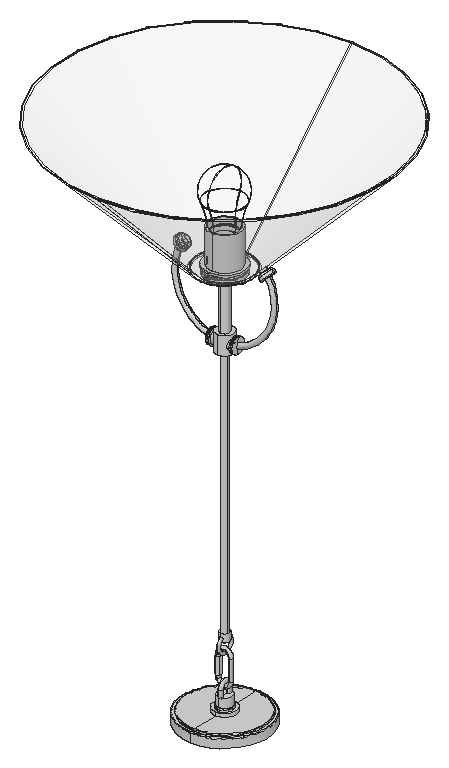
Revit family "Light_Fixture-Pendant-KOHLER-McGee-K-32261", category Lighting Fixtures, host Face, Revit 2021
Family settings
  Host = Face
  Round Connector Dimension = Use Diameter
  Part Type = Normal
  OmniClass Number = 23.35.47.11
  OmniClass Title = Lighting Fixtures
  Cut with Voids When Loaded = No
  Light Source = Yes
  Shared = No
  Room Calculation Point = No
Parameters (values of type "CPL-Polished Chrome")
  Width = 17 55/64"  # constant formula
  Wattage Comments = "100 W"  # constant formula
  Wattage = 100 W
  WaterSense Certified = 1 = 0  # no
  built-in parameter 1150110 = 1 (stored number, unit not read)
  Voltage = 120 V  # constant formula
  URL = "https://www.us.kohler.com/us/"
  Type = 1
  built-in parameter 1114217 = 1 (stored number, unit not read)
  built-in parameter 1150109 = 1 (stored number, unit not read)
  built-in parameter 1150134 = 1
  built-in parameter 1150113 = 1 (stored number, unit not read)
  Rod [instance] = Height - 11 119/256" - 4 1/2"  # 14 9/256"
  Product Page URL = "http://www.us.kohler.com/us/catalog/productDetails.jsp?productNumber=32261-PE01"
  Product Name = "McGee"  # constant formula
  Product Documentation Link = "https://www.us.kohler.com/webassets/kpna/catalog/pdf/en/K-32261-PE01_spec_US-CA_Kohler_en.pdf"
  Model = if(Type = 1, "K-32261-PE01-CPL", if(Type = 2, "K-32261-PE01-BNL", if(Type = 3, "K-32261-PE01-BLL", if(Type = 4, "K-32261-PE01-2GL", if(Type = 5, "K-32261-PE01-SNL", "NA")))))  # "K-32261-PE01-CPL"
  Material = "Premium Metal Construction"  # constant formula
  Master Format 2014 Name = "Interior Lighting Fixtures, Lamps, And Ballasts"  # constant formula
  Master Format 2014 = "26 51 13"  # constant formula
  Manufacturer Address = "444 Highland Dr, Kohler, WI 53044"  # constant formula
  Manufacturer = "Kohler Co."  # constant formula
  built-in parameter 1150105 = 159.15 (stored number, unit not read)
  Lumens = 2000 lm
  built-in parameter 1150115 = 1 (stored number, unit not read)
  Light Source Symbol Size = 3"  # constant formula
  built-in parameter 1150137 = (empty or 0)
  built-in parameter 1150139 = (empty or 0)
  Length = 17 55/64"  # constant formula
  built-in parameter 1150112 = 1 (stored number, unit not read)
  built-in parameter 1150114 = 1 (stored number, unit not read)
  Lamp = "1*E26 Type A 100W"  # constant formula
  built-in parameter 1150132 = (empty or 0)
  built-in parameter 1150102 = (empty or 0)
  built-in parameter 1150107 = 6500 (stored number, unit not read)
  built-in parameter 1150138 = (empty or 0)
  built-in parameter 1150106 = 1.5915 (stored number, unit not read)
  Height [instance] = 30"
  Hardware Included = 0 = 1  # no
  Finish = KOHLER-Metal-CPL-Polished_Chrome
  Environmental Product Declaration = ""
  Emit from Line Length = 3"  # constant formula
  Electrical Note = "One Dedicated Cicuit Required"  # constant formula
  Electrical Connector = 1 = 1  # yes
  built-in parameter 1150104 = 1.8581 (stored number, unit not read)
  Dimming Lamp Color Temperature Shift = Incandescent Lamp Curve
  Description = "Cone XL Pendant"  # constant formula
  Default Elevation = 0"
  Declare Label = ""
  Date Modified = "04/26/2023"  # constant formula
  Date Created = "04/26/2023"  # constant formula
  Copyright = "Copyright Kohler Co."  # constant formula
  Contact Us = "https://www.us.kohler.com/us/static/contact.jsp"
  Color Filter = 16777215
  built-in parameter 1114218 = 1 (stored number, unit not read)
  built-in parameter 1150133 = 10 (stored number, unit not read)
  Assembly Code = "D5040.50"
  Apparent Load = 100 VA  # constant formula
  ADA Compliant = 1 = 0  # no
Types (6): name | Type | Model | Finish
  (no name) | 1 | "K-32261-PE01-CPL" | KOHLER-Metal-CPL-Polished_Chrome
  CPL-Polished Chrome | 1 | "K-32261-PE01-CPL" | KOHLER-Metal-CPL-Polished_Chrome
  BNL-Brushed Nickel | 2 | "K-32261-PE01-BNL" | KOHLER-Metal-BNL-Brushed_Nickel
  BLL-Matte Black | 3 | "K-32261-PE01-BLL" | KOHLER-Metal-BLL-Matte_Black
  2GL-Brushed Modern Brass | 4 | "K-32261-PE01-2GL" | KOHLER-Metal-2GL-Brushed_Modern_Brass
  SNL-Polished Nickel | 5 | "K-32261-PE01-SNL" | KOHLER-Metal-SNL-Polished_Nickel
Reference planes (in)
  plane 1 "Center (Front/Back)": y = 0
  plane 2: z = 0
  plane 3 "Center (Left/Right)": x = 0
  plane 4: z = 4.50055
  plane 5: z = 18.5357
  plane 6: z = 30
  plane 7: y = 8.93019
  plane 8: y = -8.92919
  plane 9: x = -8.93019
  plane 10: y = 2.55512
  plane 11: y = -2.55512
  plane 12: x = 8.92919
  plane 13: x = -2.55512
  plane 14: x = 2.55512
  plane 15: z = 27.94437
  plane 16: z = 22.59388
  plane 17: x = -2.3622
  plane 18: x = 2.3622
  plane 19: z = 0.59055
  plane 20: y = 2.3622
  plane 21: y = -2.3622
Dimensions and locks (in)
  plane 4 to level = 4.50055"
  "Rod": plane 5 to plane 4
  locked: plane 6 to plane 16 at 7.40612
  plane 6 to plane 5 = 11.4643"
  "Height": plane 6 to level
  "Width": plane 9 to plane 12
  "Length": plane 7 to plane 8
  locked: plane 15 to plane 6 at 2.05563
  plane 18 to plane 17 = 4.72441"
  aligned and locked: plane 2 to host face
  aligned and locked: level to host face
  aligned and locked: plane 3 "Center (Left/Right)" to nested 1
  aligned and locked: plane 1 "Center (Front/Back)" to nested 1
  aligned and locked: level to nested 1
  aligned and locked: plane 4 to nested 1
  aligned and locked: plane 3 "Center (Left/Right)" to nested 2
  aligned and locked: nested 2 to plane 4
  aligned and locked: plane 5 to nested 2
  aligned and locked: plane 3 "Center (Left/Right)" to nested 3
  aligned and locked: plane 5 to nested 3
  aligned and locked: plane 1 "Center (Front/Back)" to nested 3
  aligned and locked: imposter light to nested 2  (x2)
  aligned and locked: imposter light to plane 15
Automatic sketch dimensions
  host sketch curve to host sketch curve = 96"  (x2)
Nested families (in)
  nested 1: "K-32261_Canopy" at (0, 0, 0), type "K-32261_Canopy"
  nested 2: "K-32261_Rod" at (0, 0, 4.50055), type "K-32261_Rod"
    with Distance 14 9/256"
  nested 3: "K-32261" at (0, 0, 20.94023) x (1, 0, 0) z (0, -1, 0), type "K-32261"
    with Default Elevation 0"
Connectors (in)
  electrical at (0, 0, 0), driven by "Voltage", driven by "Apparent Load", driven by "Electrical Connector", driven by "Electrical Note"
    settings: on nested 1, index 1, voltage 120 V, apparent load 100 VA, apparent load phase1 0 VA, apparent load phase2 0 VA, apparent load phase3 0 VA, power factor 1, load classification "Lighting", number of poles 1, system type 30, power factor state 1, is connector primary yes, connector utility yes, sub classification motor no, connector description "One Dedicated Cicuit Required"
Definition of nested family "K-32261_Canopy"
  Parameters (values of type "K-32261_Canopy")
    Material = none
    Default Elevation = 0"
  Reference planes (in)
    plane 1 "Center (Front/Back)": y = 0
    plane 2: z = 0
    plane 3 "Center (Left/Right)": x = 0
    plane 4: y = 2.3622
    plane 5: y = -2.3622
    plane 6: x = 2.3622
    plane 7: x = -2.3622
    plane 8: z = 0.59055
    plane 9: z = 2.97011
    plane 10: z = 3.40454
    plane 11: z = 3.5892
    plane 12: z = 0
    plane 13: z = 3.17362
    plane 14: z = 2.2794
    plane 15: z = 4.50055
  Forms (in)
    Revolve 1, solid, material <- "Material", detail levels medium+fine
      sketch origin (0, 0, 0) x (0, 1, 0) y (0, 0, 1)
        loop
          line (2.3622, 0) -> (2.3622, 0.49026)
          arc (2.3622, 0.49026) -> (2.35644, 0.50418) -> (2.34252, 0.50994) r 0.01969
          line (2.34252, 0.50994) -> (2.17979, 0.50994) -> (2.17979, 0.57087)
          arc (2.17979, 0.57087) -> (2.17403, 0.58479) -> (2.16011, 0.59055) r 0.01969
          line (2.16011, 0.59055) -> (0.63026, 0.59055) -> (0.63026, 0.74803) -> (0.45276, 0.74803) -> (0.45276, 0.84695)
          arc (0.45276, 0.84695) -> (0.44713, 0.86085) -> (0.43343, 0.86693) r 0.01999
          arc (0.43343, 0.86693) -> (0.40521, 0.87946) -> (0.39364, 0.90808) r 0.04117
          line (0.39364, 0.90808) -> (0.39364, 1.38229) -> (0, 1.38229) -> (0, 1.10848) -> (0, 0) -> (2.3622, 0)
        axis (0, 0) -> (0, 1.38229)
      angle from 0 to 360
    Sweep 2, solid, material <- "Material"
      path origin (0, 0, 0.35937) x (1, 0, 0) y (0, 0, 1)
        loop
          line (-0.36679, 2.95467) -> (-0.36679, 1.78086)
          arc (-0.36679, 1.78086) -> (-0.01845, 1.43253) -> (0.32988, 1.78086) r 0.34833
          line (0.32988, 1.78086) -> (0.32988, 2.95467)
          arc (0.32988, 2.95467) -> (-0.01845, 3.303) -> (-0.36679, 2.95467) r 0.34833
      profile origin (-0.01845, 0, 3.66238) x (0, 0, -1) y (0, -1, 0)
        loop
          circle (0, 0) r 0.09608
    Sweep 3, solid, material <- "Material"
      path origin (0, 0, 0) x (0, 1, 0) y (0, 0, 1)
        loop
          line (0.18209, 1.38229) -> (0.18209, 1.76948)
          arc (0.18209, 1.76948) -> (-0.00023, 1.95181) -> (-0.18256, 1.76948) r 0.18233
          line (-0.18256, 1.76948) -> (-0.18256, 1.38229)
      profile origin (0, -0.18256, 1.57588) x (1, 0, 0) y (0, 1, 0)
        loop
          circle (0, -0.10554) r 0.10554
    Extrusion 4, solid, material <- "Material"
      sketch origin (-0.06152, 0, 0) x (-1, 0, 0) y (0, -1, 0)
        loop
          line (0.30512, -0.14775) -> (0.43307, -0.07387) -> (0.43307, 0.07387) -> (0.30512, 0.14775) -> (0.17717, 0.07387) -> (0.17717, -0.07387) -> (0.30512, -0.14775)
      from 2.2794 to 3.17362
    Revolve 5, solid, material <- "Material"
      sketch origin (0, 0, 0) x (0, 1, 0) y (0, 0, 1)
        loop
          line (0.00011, 4.50055) -> (-0.24565, 4.50055) -> (-0.24565, 4.10819)
          arc (-0.24565, 4.10819) -> (-0.23947, 4.09327) -> (-0.22456, 4.08709) r 0.0211
          line (-0.22456, 4.08709) -> (0.00011, 4.08709) -> (0.00011, 4.50055)
        axis (0.00011, 4.08709) -> (0.00011, 4.50055)
      angle from 0 to 360
    Sweep 6, solid, material <- "Material"
      path origin (0, 0, 0) x (0, 1, 0) y (0, 0, 1)
        loop
          arc (-0.22894, 4.34786) -> (0.0065, 3.37885) -> (0.21881, 4.35319) r 0.51166
      profile origin (0, 0.0065, 3.37885) x (0, -0.011898, 0.999929) y (1, 0, 0)
        loop
          circle (0.0719, 0) r 0.07203
    Revolve 7, solid, material <- "Material", detail levels coarse
      sketch origin (0, 0, 0) x (0, 1, 0) y (0, 0, 1)
        loop
          line (0, 0) -> (2.3622, 0) -> (2.3622, 0.59055) -> (0.63026, 0.59055) -> (0.63026, 1.38229) -> (0, 1.38229) -> (0, 0)
        axis (0, 1.38229) -> (0, 0)
      angle from 0 to 360
  Cuts and joins
    joined: Sweep 2, Sweep 3, Extrusion 4, Revolve 5, Sweep 6
  Lines and regions (in)
    Masking region 1
      outline origin (0, 0, 0) x (0, 1, 0) y (0, 0, 1)
        loop
          arc (0.39364, 0.90808) -> (0.40521, 0.87946) -> (0.43343, 0.86693) r 0.04117
          arc (0.43343, 0.86693) -> (0.44713, 0.86085) -> (0.45276, 0.84695) r 0.01999
          line (0.45276, 0.84695) -> (0.45276, 0.74803) -> (0.63046, 0.74803) -> (0.63046, 0.59055) -> (2.16011, 0.59055)
          arc (2.16011, 0.59055) -> (2.17403, 0.58479) -> (2.17979, 0.57087) r 0.01969
          line (2.17979, 0.57087) -> (2.17979, 0.50994) -> (2.34252, 0.50994)
          arc (2.34252, 0.50994) -> (2.35644, 0.50418) -> (2.3622, 0.49026) r 0.01969
          line (2.3622, 0.49026) -> (2.3622, 0) -> (-2.3622, 0) -> (-2.3622, 0.49026)
          arc (-2.3622, 0.49026) -> (-2.35644, 0.50418) -> (-2.34252, 0.50994) r 0.01969
          line (-2.34252, 0.50994) -> (-2.17979, 0.50994) -> (-2.17979, 0.57087)
          arc (-2.17979, 0.57087) -> (-2.17403, 0.58479) -> (-2.16011, 0.59055) r 0.01969
          line (-2.16011, 0.59055) -> (-0.6303, 0.59055) -> (-0.6303, 0.74803) -> (-0.45276, 0.74803) -> (-0.45276, 0.84695)
          arc (-0.45276, 0.84695) -> (-0.44713, 0.86085) -> (-0.43343, 0.86693) r 0.01999
          arc (-0.43343, 0.86693) -> (-0.40379, 0.881) -> (-0.39385, 0.91227) r 0.04117
          arc (-0.39385, 0.91227) -> (-0.39264, 0.93746) -> (-0.38404, 0.96117) r 0.08436
          arc (-0.38404, 0.96117) -> (-0.33675, 1.14753) -> (-0.38446, 1.33377) r 0.38912
          arc (-0.38446, 1.33377) -> (-0.39131, 1.35116) -> (-0.39364, 1.36969) r 0.07486
          line (-0.39364, 1.36969) -> (-0.39364, 1.7674)
          arc (-0.39364, 1.7674) -> (-0.32671, 1.99207) -> (-0.14775, 2.14349) r 0.41057
          arc (-0.14775, 2.14349) -> (-0.10979, 2.15527) -> (-0.07087, 2.16331) r 0.40852
          line (-0.07087, 2.16331) -> (-0.07087, 2.2794) -> (-0.14775, 2.2794) -> (-0.14775, 3.17362) -> (-0.09619, 3.17362) -> (-0.09619, 3.3882)
          arc (-0.09619, 3.3882) -> (-0.50597, 3.81064) -> (-0.24588, 4.33859) r 0.51078
          line (-0.24588, 4.33859) -> (-0.24588, 4.50055) -> (0.00011, 4.50055) -> (0.24588, 4.50055) -> (0.24588, 4.33859)
          arc (0.24588, 4.33859) -> (0.50584, 3.80982) -> (0.09455, 3.3879) r 0.51078
          line (0.09455, 3.3879) -> (0.09455, 3.17362) -> (0.14775, 3.17362) -> (0.14775, 2.2794) -> (0.07087, 2.2794) -> (0.07087, 2.16096)
          arc (0.07087, 2.16096) -> (0.30263, 2.0219) -> (0.39364, 1.7674) r 0.40133
          line (0.39364, 1.7674) -> (0.39364, 1.36969)
          arc (0.39364, 1.36969) -> (0.39131, 1.35116) -> (0.38446, 1.33377) r 0.07486
          arc (0.38446, 1.33377) -> (0.33675, 1.14753) -> (0.38404, 0.96117) r 0.38912
          arc (0.38404, 0.96117) -> (0.39264, 0.93746) -> (0.39385, 0.91227) r 0.08436
        loop
          line (0.18305, 1.38229) -> (0.18305, 1.7692)
          arc (0.18305, 1.7692) -> (0.15244, 1.87033) -> (0.07087, 1.93749) r 0.18232
          line (0.07087, 1.93749) -> (0.07087, 1.83374)
          arc (0.07087, 1.83374) -> (0, 1.76288) -> (-0.07087, 1.83374) r 0.07087
          line (-0.07087, 1.83374) -> (-0.07087, 1.93687)
          arc (-0.07087, 1.93687) -> (-0.15141, 1.86967) -> (-0.18158, 1.7692) r 0.18232
          line (-0.18158, 1.7692) -> (-0.18158, 1.38229) -> (0.18305, 1.38229)
        loop
          line (0.09455, 3.66013) -> (0.09455, 3.5348)
          arc (0.09455, 3.5348) -> (0.35752, 3.80412) -> (0.24562, 4.16351) r 0.3675
          line (0.24562, 4.16351) -> (0.24562, 4.10784)
          arc (0.24562, 4.10784) -> (0.23963, 4.0934) -> (0.22519, 4.08741) r 0.02042
          line (0.22519, 4.08741) -> (0, 4.08741) -> (-0.22519, 4.08741)
          arc (-0.22519, 4.08741) -> (-0.23963, 4.0934) -> (-0.24562, 4.10784) r 0.02042
          line (-0.24562, 4.10784) -> (-0.24562, 4.16351)
          arc (-0.24562, 4.16351) -> (-0.35772, 3.80494) -> (-0.09619, 3.53523) r 0.3675
          line (-0.09619, 3.53523) -> (-0.09619, 3.66013)
          arc (-0.09619, 3.66013) -> (-0.00082, 3.7555) -> (0.09455, 3.66013) r 0.09537
    Masking region 2
      outline origin (0, 0, 0) x (1, 0, 0) y (0, 0, 1)
        loop
          line (-2.3622, 0) -> (2.3622, 0) -> (2.3622, 0.49026)
          arc (2.3622, 0.49026) -> (2.35644, 0.50418) -> (2.34252, 0.50994) r 0.01969
          line (2.34252, 0.50994) -> (2.17979, 0.50994) -> (2.17979, 0.57087)
          arc (2.17979, 0.57087) -> (2.17403, 0.58479) -> (2.16011, 0.59055) r 0.01969
          line (2.16011, 0.59055) -> (0.62903, 0.59055) -> (0.62903, 0.74803) -> (0.45276, 0.74803) -> (0.45276, 0.84695)
          arc (0.45276, 0.84695) -> (0.44713, 0.86085) -> (0.43343, 0.86693) r 0.01999
          arc (0.43343, 0.86693) -> (0.40786, 0.87695) -> (0.39428, 0.90083) r 0.04117
          arc (0.39428, 0.90083) -> (0.39185, 0.92232) -> (0.38404, 0.94248) r 0.08436
          arc (0.38404, 0.94248) -> (0.33675, 1.12884) -> (0.38446, 1.31509) r 0.38912
          arc (0.38446, 1.31509) -> (0.39131, 1.33247) -> (0.39364, 1.351) r 0.07486
          line (0.39364, 1.351) -> (0.39364, 1.38229) -> (0.12795, 1.38229) -> (0.12795, 1.71994)
          arc (0.12795, 1.71994) -> (0.34368, 1.88697) -> (0.42535, 2.14729) r 0.45574
          line (0.42535, 2.14729) -> (0.42535, 3.32819)
          arc (0.42535, 3.32819) -> (0.3258, 3.60819) -> (0.07183, 3.76248) r 0.44352
          line (0.07183, 3.76248) -> (0.07183, 4.08691) -> (0.22455, 4.08691)
          arc (0.22455, 4.08691) -> (0.23955, 4.09312) -> (0.24576, 4.10812) r 0.02121
          line (0.24576, 4.10812) -> (0.24576, 4.50055) -> (0, 4.50055) -> (-0.24576, 4.50055) -> (-0.24576, 4.10812)
          arc (-0.24576, 4.10812) -> (-0.23955, 4.09312) -> (-0.22455, 4.08691) r 0.02121
          line (-0.22455, 4.08691) -> (-0.07183, 4.08691) -> (-0.07183, 3.76845)
          arc (-0.07183, 3.76845) -> (-0.35021, 3.62222) -> (-0.46168, 3.32819) r 0.44352
          line (-0.46168, 3.32819) -> (-0.46168, 3.17362) -> (-0.49459, 3.17362) -> (-0.49459, 2.2794) -> (-0.46346, 2.2794) -> (-0.46346, 2.19229)
          arc (-0.46346, 2.19229) -> (-0.37149, 1.8962) -> (-0.12795, 1.70433) r 0.52259
          line (-0.12795, 1.70433) -> (-0.12795, 1.38229) -> (-0.39364, 1.38229) -> (-0.39364, 1.351)
          arc (-0.39364, 1.351) -> (-0.39131, 1.33247) -> (-0.38446, 1.31509) r 0.07486
          arc (-0.38446, 1.31509) -> (-0.33675, 1.12884) -> (-0.38404, 0.94248) r 0.38912
          arc (-0.38404, 0.94248) -> (-0.39185, 0.92232) -> (-0.39428, 0.90083) r 0.08436
          arc (-0.39428, 0.90083) -> (-0.40786, 0.87695) -> (-0.43343, 0.86693) r 0.04117
          arc (-0.43343, 0.86693) -> (-0.44713, 0.86085) -> (-0.45276, 0.84695) r 0.01999
          line (-0.45276, 0.84695) -> (-0.45276, 0.74803) -> (-0.63009, 0.74803) -> (-0.63009, 0.59055) -> (-2.16011, 0.59055)
          arc (-2.16011, 0.59055) -> (-2.17403, 0.58479) -> (-2.17979, 0.57087) r 0.01969
          line (-2.17979, 0.57087) -> (-2.17979, 0.50994) -> (-2.34252, 0.50994)
          arc (-2.34252, 0.50994) -> (-2.35644, 0.50418) -> (-2.3622, 0.49026) r 0.01969
          line (-2.3622, 0.49026) -> (-2.3622, 0)
        loop
          line (-0.27175, 3.31592) -> (-0.27175, 3.17362) -> (-0.22638, 3.17362) -> (-0.22638, 2.2794) -> (-0.27061, 2.2794) -> (-0.27061, 2.15044)
          arc (-0.27061, 2.15044) -> (-0.23218, 2.01249) -> (-0.12795, 1.91429) r 0.26679
          line (-0.12795, 1.91429) -> (-0.12795, 2.06366)
          arc (-0.12795, 2.06366) -> (0, 2.19161) -> (0.12795, 2.06366) r 0.12795
          line (0.12795, 2.06366) -> (0.12795, 1.93309)
          arc (0.12795, 1.93309) -> (0.20636, 2.02946) -> (0.2344, 2.15049) r 0.27522
          line (0.2344, 2.15049) -> (0.2344, 3.31592)
          arc (0.2344, 3.31592) -> (0.18984, 3.45935) -> (0.07183, 3.55226) r 0.25308
          line (0.07183, 3.55226) -> (0.07183, 3.4507)
          arc (0.07183, 3.4507) -> (0, 3.37887) -> (-0.07183, 3.4507) r 0.07183
          line (-0.07183, 3.4507) -> (-0.07183, 3.56335)
          arc (-0.07183, 3.56335) -> (-0.21552, 3.47497) -> (-0.27175, 3.31592) r 0.25308
    Masking region 3
      outline origin (0, 0, 0) x (1, 0, 0) y (0, 1, 0)
        loop
          circle (0, 0) r 2.3622
    symbolic lines, detail levels medium+fine
      curve 1: line (0, 0.63046, 0.59055) -> (0, -0.63026, 0.59055)
      curve 2: line (0, 0.45276, 0.74803) -> (0, -0.45276, 0.74803)
      curve 3: line (0, 0.43343, 0.86693) -> (0, -0.43343, 0.86693)
      curve 4: line (0, -0.18158, 1.38229) -> (0, -0.39364, 1.38229)
      curve 5: line (0, 0.18405, 1.38229) -> (0, 0.39364, 1.38229)
      curve 6: line (0, 0.07087, 1.93749) -> (0, 0.07087, 2.16054)
      curve 7: line (0, -0.07087, 1.93687) -> (0, -0.07087, 2.16331)
      curve 8: line (-0.63009, 0, 0.59055) -> (0.63026, 0, 0.59055)
      curve 9: line (-0.45276, 0, 0.74803) -> (0.45276, 0, 0.74803)
      curve 10: line (-0.43343, 0, 0.86693) -> (0.43618, 0, 0.86693)
      curve 11: line (-0.12795, 0, 1.38229) -> (0.12795, 0, 1.38229)
      curve 12: line (-0.12795, 0, 1.70433) -> (-0.12795, 0, 2.03104)
      curve 13: line (0.12795, 0, 1.71994) -> (0.12795, 0, 2.03104)
      curve 14: line (-0.46346, 0, 2.2794) -> (-0.23503, 0, 2.2794)
      curve 15: line (-0.46168, 0, 3.17362) -> (-0.2344, 0, 3.17362)
      curve 16: line (-0.36663, 0, 2.2794) -> (-0.36663, 0, 3.17362)
      curve 17: line (0, 0.07387, 2.2794) -> (0, -0.07387, 2.2794)
      curve 18: line (0, -0.09619, 3.17362) -> (0, 0.09455, 3.17362)
      curve 19: line (0, 0.07387, 3.17362) -> (0, 0.07387, 2.2794)
      curve 20: line (0, -0.07387, 3.17362) -> (0, -0.07387, 2.2794)
      curve 21: line (0, 2.17979, 0.50994) -> (0, -2.17979, 0.50994)
      curve 22: line (2.17979, 0, 0.50994) -> (-2.17979, 0, 0.50994)
      curve 23: line (0, 0.09455, 3.5348) -> (0, 0.09455, 3.3879)
      curve 24: line (0, -0.09619, 3.3882) -> (0, -0.09619, 3.53523)
      curve 25: arc (0, 0.24588, 4.33859) -> (0, 0.22768, 4.25108) -> (0, 0.24562, 4.16351) r 0.22116
      curve 26: arc (0, -0.24588, 4.33859) -> (0, -0.22699, 4.25108) -> (0, -0.24562, 4.16351) r 0.21372
      curve 27: line (-0.07183, 0, 3.56335) -> (-0.07183, 0, 3.76845)
      curve 28: line (0.07183, 0, 3.76248) -> (0.07183, 0, 3.55226)
      curve 29: line (0.07183, 0, 4.08691) -> (0.07183, 0, 4.27684)
      curve 30: line (-0.07183, 0, 4.08691) -> (-0.07183, 0, 4.27684)
      curve 31: arc (-0.07183, 0, 4.27684) -> (0, 0, 4.34867) -> (0.07183, 0, 4.27684) r 0.07183
      curve 32: line (0, 0.39385, 0.91227) -> (0, -0.39385, 0.91227)
      curve 33: line (0, 0.38446, 1.33377) -> (0, -0.38446, 1.33377)
      curve 34: line (0, -0.38404, 0.96117) -> (0, 0.38404, 0.96117)
      curve 35: line (-0.39428, 0, 0.90083) -> (0.39428, 0, 0.90083)
      curve 36: line (0.39364, 0, 1.351) -> (-0.39364, 0, 1.351)
      curve 37: line (-0.38446, 0, 1.31509) -> (0.38446, 0, 1.31509)
      curve 38: line (0.38404, 0, 0.94248) -> (-0.38404, 0, 0.94248)
  Dimensions and locks (in)
    plane 7 to plane 6 = 4.72441"
    plane 8 to level = 0.59055"
    plane 10 to level = 3.40454"
    aligned and locked: plane 2 to level
Definition of nested family "K-32261_Rod"
  Parameters (values of type "K-32260_Rod")
    Material = none
    Distance = 16.53543"
    Default Elevation = 0"
  Reference planes (in)
    plane 1 "Light Source Axis (F/B)": y = 0
    plane 2: z = 0
    plane 3 "Light Source Axis (L/R)": x = 0
    plane 4 "Light Source Elevation": z = 54
    plane 5: z = 16.53543
    plane 6: z = 0
  Forms (in)
    Extrusion 1, solid, material <- "Material"
      sketch origin (0, 0, 0) x (1, 0, 0) y (0, 1, 0)
        loop
          circle (0, 0) r 0.17717
      from 0 to 16.53543
  Lines and regions (in)
    Masking region 1, detail levels medium+fine
      outline origin (0, 0, 0) x (1, 0, 0) y (0, 1, 0)
        loop
          circle (0, 0) r 0.17717
    Masking region 2
      outline origin (0, 0, 0) x (1, 0, 0) y (0, 0, 1)
        loop
          line (-0.17717, 0) -> (0.17717, 0) -> (0.17717, 16.53543) -> (-0.17717, 16.53543) -> (-0.17717, 0)
    Masking region 3
      outline origin (0, 0, 0) x (0, 1, 0) y (0, 0, 1)
        loop
          line (0.17717, 16.53543) -> (-0.17717, 16.53543) -> (-0.17717, 0) -> (0.17717, 0) -> (0.17717, 16.53543)
  Dimensions and locks (in)
    "Distance": plane 5 to level
    aligned and locked: level to plane 2
    aligned and locked: Extrusion 1 to level
    aligned and locked: plane 5 to Extrusion 1
    aligned and locked: plane 5 to Masking region 2 sketch curve
    aligned and locked: Masking region 2 sketch curve to level
    aligned and locked: level to Masking region 3 sketch curve
    aligned and locked: Masking region 3 sketch curve to plane 5
  Automatic sketch dimensions
    plane 1 "Light Source Axis (F/B)" to Extrusion 1 sketch curve = 0"
    Extrusion 1 sketch curve to plane 3 "Light Source Axis (L/R)" = 0"
    plane 1 "Light Source Axis (F/B)" to Masking region 1 sketch curve = 0"
    Masking region 1 sketch curve to plane 3 "Light Source Axis (L/R)" = 0"
    Masking region 2 sketch curve to plane 3 "Light Source Axis (L/R)" = 0.17717"
    plane 3 "Light Source Axis (L/R)" to Masking region 2 sketch curve = 0.17717"
    plane 1 "Light Source Axis (F/B)" to Masking region 3 sketch curve = 0.17717"
    Masking region 3 sketch curve to plane 1 "Light Source Axis (F/B)" = 0.17717"
    radius of Extrusion 1 sketch curve = 0.17717"
    radius of Masking region 1 sketch curve = 0.17717"
Definition of nested family "K-32261"
  Parameters
    Material = none
    Default Elevation = 48"
  Reference planes (in)
    plane 1 "Center (Front/Back)": y = 0
    plane 2: z = 0
    plane 3 "Center (Left/Right)": x = 0
    plane 4: x = -2.55512
    plane 5: y = 7.00415
    plane 6: x = 2.55512
    plane 7: y = 0.82305
    plane 8: z = 2.55512
    plane 9: z = -2.55512
    plane 10: z = 0
    plane 11: y = 0
    plane 12: y = 5.16866
    plane 13: y = -2.40452
    plane 14: x = -6.95866
    plane 15: x = 6.95866
    plane 16: z = 6.95866
    plane 17: z = -6.95866
    plane 18: y = 9.06061
    plane 19: x = -8.93019
    plane 20: x = 8.93019
    plane 21: z = 8.93019
    plane 22: z = -8.93019
    plane 23: y = 1.65449
  Forms (in)
    Revolve 1, solid, material <- "Material", detail levels medium+fine
      sketch origin (0, 0.61946, 0) x (0, 1, 0) y (0, 0, 1)
        loop
          line (1.31517, 0) -> (1.31517, 0.7874) -> (2.39785, 0.7874) -> (2.39785, 0.70866) -> (2.79155, 0.70866) -> (2.79155, 0.7874) -> (3.18525, 0.7874) -> (3.18525, 0.86614) -> (1.31517, 0.86614) -> (1.31517, 1.08268) -> (1.21675, 1.08268) -> (1.21675, 0.7874) -> (0.94481, 0.7874) -> (0.94481, 0) -> (1.31517, 0)
        axis (3.18525, 0) -> (0.94481, 0)
      angle from 0 to 360
    Revolve 2, solid
      sketch origin (0, 0, 0) x (0, 1, 0) y (0, 0, 1)
        loop
          line (1.5354, 0.82681) -> (1.60339, 0.82681)
          arc (1.60339, 0.82681) -> (1.72756, 0.87825) -> (1.779, 1.00242) r 0.17561
          line (1.779, 1.00242) -> (1.779, 1.50265)
          arc (1.779, 1.50265) -> (1.7828, 1.52175) -> (1.79362, 1.53795) r 0.04992
          line (1.79362, 1.53795) -> (9.06061, 8.80494) -> (9.06061, 8.90055)
          arc (9.06061, 8.90055) -> (9.04235, 8.92788) -> (9.01011, 8.92147) r 0.02958
          line (9.01011, 8.92147) -> (1.69464, 1.606)
          arc (1.69464, 1.606) -> (1.6642, 1.56044) -> (1.65351, 1.50669) r 0.14044
          line (1.65351, 1.50669) -> (1.65351, 1.02736)
          arc (1.65351, 1.02736) -> (1.62936, 0.96907) -> (1.57107, 0.94492) r 0.08244
          line (1.57107, 0.94492) -> (1.5354, 0.94492) -> (1.5354, 0.82681)
        axis (9.06061, 0) -> (1.5354, 0)
      angle from 0 to 360
    Revolve 3, solid
      sketch origin (0, 0.7997, 0) x (0, 1, 0) y (0, 0, 1)
        loop
          line (1.59814, 0.67151) -> (1.59814, 0) -> (1.62964, 0) -> (1.62964, 0.64001) -> (2.40566, 0.64001) -> (2.40566, 0.71138) -> (2.6822, 0.71138)
          arc (2.6822, 0.71138) -> (3.49571, 0.79841) -> (4.2724, 1.05555) r 3.84577
          arc (4.2724, 1.05555) -> (5.374, 0.97288) -> (5.89732, 0) r 1.14961
          line (5.89732, 0) -> (5.92882, 0)
          arc (5.92882, 0) -> (5.39105, 0.99936) -> (4.25937, 1.08422) r 1.1811
          arc (4.25937, 1.08422) -> (3.48904, 0.82919) -> (2.6822, 0.74287) r 3.81427
          line (2.6822, 0.74287) -> (2.40566, 0.74287)
          arc (2.40566, 0.74287) -> (2.39144, 0.73698) -> (2.38555, 0.72276) r 0.02011
          line (2.38555, 0.72276) -> (2.38555, 0.67151) -> (1.59814, 0.67151)
        axis (5.92882, 0) -> (1.59814, 0)
      angle from 0 to 360
    Revolve 4, solid, material <- "Material", detail levels medium+fine
      sketch origin (0, 0.61946, 0) x (0, 1, 0) y (0, 0, 1)
        loop
          line (-2.03694, 0.24622) -> (-2.03694, 0.49213) -> (-3.02306, 0.49213) -> (-3.02306, 0) -> (1.0199, 0) -> (1.0199, 1.04331) -> (0.86212, 1.04331)
          arc (0.86212, 1.04331) -> (0.83451, 1.03187) -> (0.82307, 1.00426) r 0.03905
          line (0.82307, 1.00426) -> (0.82307, 0.24622) -> (-2.03694, 0.24622)
        axis (1.0199, 0) -> (-3.02306, 0)
      angle from 0 to 360
    Revolve 5, solid, material <- "Material", detail levels medium+fine
      sketch origin (0, 0, 0) x (1, 0, 0) y (0, 1, 0)
        loop
          line (-0.75042, -1.9124) -> (0.74565, -1.9124) -> (0.74565, -1.49901) -> (0.56848, -1.49901) -> (0.56848, -1.56791) -> (-0.57325, -1.56791) -> (-0.57325, -1.49895) -> (-0.75042, -1.49895) -> (-0.75042, -1.9124)
        axis (-0.75042, -1.9124) -> (0.74565, -1.9124)
      angle from 0 to 360
    Sweep 6, solid, material <- "Material"
      path origin (0, 0, 0) x (1, 0, 0) y (0, 1, 0)
        loop
          arc (-2.23857, 2.15342) -> (-0.00239, -1.89177) -> (2.23632, 2.15202) r 2.64113
      profile origin (-0.00239, -1.89177, 0) x (0.000312, 1, 0) y (0, 0, 1)
        loop
          circle (-0.13433, 0.00037) r 0.13533
    Revolve 7, solid, material <- "Material"
      sketch origin (-0.30758, 0.5721, 0) x (1, 0, 0) y (0, 1, 0)
        loop
          line (-2.13718, 1.53335) -> (-1.8376, 1.82056) -> (-1.95485, 1.94286) -> (-2.04745, 1.85712) -> (-2.12807, 1.9442) -> (-2.15068, 1.92327) -> (-2.1841, 1.95937) -> (-2.24202, 1.90575) -> (-2.26777, 1.93355)
          arc (-2.26777, 1.93355) -> (-2.28271, 1.94043) -> (-2.29813, 1.93472) r 0.02149
          line (-2.29813, 1.93472) -> (-2.39534, 1.84473)
          arc (-2.39534, 1.84473) -> (-2.40241, 1.82936) -> (-2.39654, 1.81349) r 0.02211
          line (-2.39654, 1.81349) -> (-2.13718, 1.53335)
        axis (-2.13718, 1.53335) -> (-1.8376, 1.82056)
      angle from 0 to 360
    Extrusion 8, void
      sketch origin (0, 0, 0) x (0, 1, 0) y (0, 0, 1)
        loop
          line (-1.9124, 0.38119) -> (-1.89434, 0.4486)
          arc (-1.89434, 0.4486) -> (-1.9124, 0.44896) -> (-1.93046, 0.4486) r 0.44896
          line (-1.93046, 0.4486) -> (-1.9124, 0.38119)
        loop
          line (-2.29359, 0) -> (-2.361, 0.01806)
          arc (-2.361, 0.01806) -> (-2.36136, 0) -> (-2.361, -0.01806) r 0.44896
          line (-2.361, -0.01806) -> (-2.29359, 0)
        loop
          line (-1.9124, -0.38119) -> (-1.93046, -0.4486)
          arc (-1.93046, -0.4486) -> (-1.9124, -0.44896) -> (-1.89434, -0.4486) r 0.44896
          line (-1.89434, -0.4486) -> (-1.9124, -0.38119)
        loop
          line (-1.5312, 0) -> (-1.4638, -0.01806)
          arc (-1.4638, -0.01806) -> (-1.46343, 0) -> (-1.4638, 0.01806) r 0.44896
          line (-1.4638, 0.01806) -> (-1.5312, 0)
        loop
          line (-2.18194, 0.26955) -> (-2.21683, 0.32998)
          arc (-2.21683, 0.32998) -> (-2.22986, 0.31746) -> (-2.24238, 0.30444) r 0.44896
          line (-2.24238, 0.30444) -> (-2.18194, 0.26955)
        loop
          line (-2.18194, -0.26955) -> (-2.24238, -0.30444)
          arc (-2.24238, -0.30444) -> (-2.22986, -0.31746) -> (-2.21683, -0.32998) r 0.44896
          line (-2.21683, -0.32998) -> (-2.18194, -0.26955)
        loop
          line (-1.64285, -0.26955) -> (-1.60796, -0.32998)
          arc (-1.60796, -0.32998) -> (-1.59493, -0.31746) -> (-1.58242, -0.30444) r 0.44896
          line (-1.58242, -0.30444) -> (-1.64285, -0.26955)
        loop
          line (-1.64285, 0.26955) -> (-1.58242, 0.30444)
          arc (-1.58242, 0.30444) -> (-1.59493, 0.31746) -> (-1.60796, 0.32998) r 0.44896
          line (-1.60796, 0.32998) -> (-1.64285, 0.26955)
        loop
          line (-2.06134, 0.35089) -> (-2.07105, 0.41999)
          arc (-2.07105, 0.41999) -> (-2.08782, 0.41327) -> (-2.1043, 0.40588) r 0.44896
          line (-2.1043, 0.40588) -> (-2.06134, 0.35089)
        loop
          line (-2.26329, -0.14894) -> (-2.33239, -0.15866)
          arc (-2.33239, -0.15866) -> (-2.32567, -0.17542) -> (-2.31828, -0.19191) r 0.44896
          line (-2.31828, -0.19191) -> (-2.26329, -0.14894)
        loop
          line (-1.76345, -0.35089) -> (-1.75374, -0.41999)
          arc (-1.75374, -0.41999) -> (-1.73697, -0.41327) -> (-1.72049, -0.40588) r 0.44896
          line (-1.72049, -0.40588) -> (-1.76345, -0.35089)
        loop
          line (-1.56151, 0.14894) -> (-1.4924, 0.15866)
          arc (-1.4924, 0.15866) -> (-1.49913, 0.17542) -> (-1.50652, 0.19191) r 0.44896
          line (-1.50652, 0.19191) -> (-1.56151, 0.14894)
        loop
          line (-2.26583, 0.1428) -> (-2.32157, 0.18479)
          arc (-2.32157, 0.18479) -> (-2.32867, 0.16818) -> (-2.3351, 0.1513) r 0.44896
          line (-2.3351, 0.1513) -> (-2.26583, 0.1428)
        loop
          line (-2.0552, -0.35344) -> (-2.09719, -0.40917)
          arc (-2.09719, -0.40917) -> (-2.08058, -0.41627) -> (-2.0637, -0.4227) r 0.44896
          line (-2.0637, -0.4227) -> (-2.0552, -0.35344)
        loop
          line (-1.55896, -0.1428) -> (-1.50323, -0.18479)
          arc (-1.50323, -0.18479) -> (-1.49613, -0.16818) -> (-1.4897, -0.1513) r 0.44896
          line (-1.4897, -0.1513) -> (-1.55896, -0.1428)
        loop
          line (-1.7696, 0.35344) -> (-1.7276, 0.40917)
          arc (-1.7276, 0.40917) -> (-1.74421, 0.41627) -> (-1.76109, 0.4227) r 0.44896
          line (-1.76109, 0.4227) -> (-1.7696, 0.35344)
        loop
          line (-1.99165, 0.37286) -> (-1.988, 0.44255)
          arc (-1.988, 0.44255) -> (-2.00574, 0.43915) -> (-2.02333, 0.43504) r 0.44896
          line (-2.02333, 0.43504) -> (-1.99165, 0.37286)
        loop
          line (-2.28526, -0.07925) -> (-2.35495, -0.0756)
          arc (-2.35495, -0.0756) -> (-2.35155, -0.09334) -> (-2.34744, -0.11094) r 0.44896
          line (-2.34744, -0.11094) -> (-2.28526, -0.07925)
        loop
          line (-1.83314, -0.37286) -> (-1.83679, -0.44255)
          arc (-1.83679, -0.44255) -> (-1.81905, -0.43915) -> (-1.80146, -0.43504) r 0.44896
          line (-1.80146, -0.43504) -> (-1.83314, -0.37286)
        loop
          line (-1.53953, 0.07925) -> (-1.46985, 0.0756)
          arc (-1.46985, 0.0756) -> (-1.47325, 0.09334) -> (-1.47736, 0.11094) r 0.44896
          line (-1.47736, 0.11094) -> (-1.53953, 0.07925)
        loop
          line (-2.23209, 0.20761) -> (-2.27879, 0.25947)
          arc (-2.27879, 0.25947) -> (-2.28893, 0.24452) -> (-2.29846, 0.22918) r 0.44896
          line (-2.29846, 0.22918) -> (-2.23209, 0.20761)
        loop
          line (-2.12001, -0.3197) -> (-2.17187, -0.36639)
          arc (-2.17187, -0.36639) -> (-2.15692, -0.37653) -> (-2.14157, -0.38606) r 0.44896
          line (-2.14157, -0.38606) -> (-2.12001, -0.3197)
        loop
          line (-1.5927, -0.20761) -> (-1.54601, -0.25947)
          arc (-1.54601, -0.25947) -> (-1.53587, -0.24452) -> (-1.52633, -0.22918) r 0.44896
          line (-1.52633, -0.22918) -> (-1.5927, -0.20761)
        loop
          line (-1.70478, 0.3197) -> (-1.65293, 0.36639)
          arc (-1.65293, 0.36639) -> (-1.66787, 0.37653) -> (-1.68322, 0.38606) r 0.44896
          line (-1.68322, 0.38606) -> (-1.70478, 0.3197)
        loop
          line (-2.13104, 0.31226) -> (-2.15491, 0.37783)
          arc (-2.15491, 0.37783) -> (-2.16991, 0.36777) -> (-2.1845, 0.35711) r 0.44896
          line (-2.1845, 0.35711) -> (-2.13104, 0.31226)
        loop
          line (-2.22465, -0.21864) -> (-2.29023, -0.24251)
          arc (-2.29023, -0.24251) -> (-2.28017, -0.25751) -> (-2.26951, -0.2721) r 0.44896
          line (-2.26951, -0.2721) -> (-2.22465, -0.21864)
        loop
          line (-1.69375, -0.31226) -> (-1.66989, -0.37783)
          arc (-1.66989, -0.37783) -> (-1.65488, -0.36777) -> (-1.6403, -0.35711) r 0.44896
          line (-1.6403, -0.35711) -> (-1.69375, -0.31226)
        loop
          line (-1.60014, 0.21864) -> (-1.53457, 0.24251)
          arc (-1.53457, 0.24251) -> (-1.54463, 0.25751) -> (-1.55529, 0.2721) r 0.44896
          line (-1.55529, 0.2721) -> (-1.60014, 0.21864)
        loop
          line (-2.2878, 0.06619) -> (-2.35104, 0.09568)
          arc (-2.35104, 0.09568) -> (-2.35454, 0.07796) -> (-2.35732, 0.06011) r 0.44896
          line (-2.35732, 0.06011) -> (-2.2878, 0.06619)
        loop
          line (-1.97859, -0.3754) -> (-2.00808, -0.43865)
          arc (-2.00808, -0.43865) -> (-1.99036, -0.44214) -> (-1.97251, -0.44492) r 0.44896
          line (-1.97251, -0.44492) -> (-1.97859, -0.3754)
        loop
          line (-1.53699, -0.06619) -> (-1.47375, -0.09568)
          arc (-1.47375, -0.09568) -> (-1.47026, -0.07796) -> (-1.46748, -0.06011) r 0.44896
          line (-1.46748, -0.06011) -> (-1.53699, -0.06619)
        loop
          line (-1.8462, 0.3754) -> (-1.81671, 0.43865)
          arc (-1.81671, 0.43865) -> (-1.83444, 0.44214) -> (-1.85229, 0.44492) r 0.44896
          line (-1.85229, 0.44492) -> (-1.8462, 0.3754)
      from 0.52648 to 0.78972
    Extrusion 9, void
      sketch origin (0, 0, 0) x (0, 1, 0) y (0, 0, 1)
        loop
          line (-1.9124, 0.38119) -> (-1.89434, 0.4486)
          arc (-1.89434, 0.4486) -> (-1.9124, 0.44896) -> (-1.93046, 0.4486) r 0.44896
          line (-1.93046, 0.4486) -> (-1.9124, 0.38119)
        loop
          line (-2.29359, 0) -> (-2.361, 0.01806)
          arc (-2.361, 0.01806) -> (-2.36136, 0) -> (-2.361, -0.01806) r 0.44896
          line (-2.361, -0.01806) -> (-2.29359, 0)
        loop
          line (-1.9124, -0.38119) -> (-1.93046, -0.4486)
          arc (-1.93046, -0.4486) -> (-1.9124, -0.44896) -> (-1.89434, -0.4486) r 0.44896
          line (-1.89434, -0.4486) -> (-1.9124, -0.38119)
        loop
          line (-1.5312, 0) -> (-1.4638, -0.01806)
          arc (-1.4638, -0.01806) -> (-1.46343, 0) -> (-1.4638, 0.01806) r 0.44896
          line (-1.4638, 0.01806) -> (-1.5312, 0)
        loop
          line (-2.18194, 0.26955) -> (-2.21683, 0.32998)
          arc (-2.21683, 0.32998) -> (-2.22986, 0.31746) -> (-2.24238, 0.30444) r 0.44896
          line (-2.24238, 0.30444) -> (-2.18194, 0.26955)
        loop
          line (-2.18194, -0.26955) -> (-2.24238, -0.30444)
          arc (-2.24238, -0.30444) -> (-2.22986, -0.31746) -> (-2.21683, -0.32998) r 0.44896
          line (-2.21683, -0.32998) -> (-2.18194, -0.26955)
        loop
          line (-1.64285, -0.26955) -> (-1.60796, -0.32998)
          arc (-1.60796, -0.32998) -> (-1.59493, -0.31746) -> (-1.58242, -0.30444) r 0.44896
          line (-1.58242, -0.30444) -> (-1.64285, -0.26955)
        loop
          line (-1.64285, 0.26955) -> (-1.58242, 0.30444)
          arc (-1.58242, 0.30444) -> (-1.59493, 0.31746) -> (-1.60796, 0.32998) r 0.44896
          line (-1.60796, 0.32998) -> (-1.64285, 0.26955)
        loop
          line (-2.06134, 0.35089) -> (-2.07105, 0.41999)
          arc (-2.07105, 0.41999) -> (-2.08782, 0.41327) -> (-2.1043, 0.40588) r 0.44896
          line (-2.1043, 0.40588) -> (-2.06134, 0.35089)
        loop
          line (-2.26329, -0.14894) -> (-2.33239, -0.15866)
          arc (-2.33239, -0.15866) -> (-2.32567, -0.17542) -> (-2.31828, -0.19191) r 0.44896
          line (-2.31828, -0.19191) -> (-2.26329, -0.14894)
        loop
          line (-1.76345, -0.35089) -> (-1.75374, -0.41999)
          arc (-1.75374, -0.41999) -> (-1.73697, -0.41327) -> (-1.72049, -0.40588) r 0.44896
          line (-1.72049, -0.40588) -> (-1.76345, -0.35089)
        loop
          line (-1.56151, 0.14894) -> (-1.4924, 0.15866)
          arc (-1.4924, 0.15866) -> (-1.49913, 0.17542) -> (-1.50652, 0.19191) r 0.44896
          line (-1.50652, 0.19191) -> (-1.56151, 0.14894)
        loop
          line (-2.26583, 0.1428) -> (-2.32157, 0.18479)
          arc (-2.32157, 0.18479) -> (-2.32867, 0.16818) -> (-2.3351, 0.1513) r 0.44896
          line (-2.3351, 0.1513) -> (-2.26583, 0.1428)
        loop
          line (-2.0552, -0.35344) -> (-2.09719, -0.40917)
          arc (-2.09719, -0.40917) -> (-2.08058, -0.41627) -> (-2.0637, -0.4227) r 0.44896
          line (-2.0637, -0.4227) -> (-2.0552, -0.35344)
        loop
          line (-1.55896, -0.1428) -> (-1.50323, -0.18479)
          arc (-1.50323, -0.18479) -> (-1.49613, -0.16818) -> (-1.4897, -0.1513) r 0.44896
          line (-1.4897, -0.1513) -> (-1.55896, -0.1428)
        loop
          line (-1.7696, 0.35344) -> (-1.7276, 0.40917)
          arc (-1.7276, 0.40917) -> (-1.74421, 0.41627) -> (-1.76109, 0.4227) r 0.44896
          line (-1.76109, 0.4227) -> (-1.7696, 0.35344)
        loop
          line (-1.99165, 0.37286) -> (-1.988, 0.44255)
          arc (-1.988, 0.44255) -> (-2.00574, 0.43915) -> (-2.02333, 0.43504) r 0.44896
          line (-2.02333, 0.43504) -> (-1.99165, 0.37286)
        loop
          line (-2.28526, -0.07925) -> (-2.35495, -0.0756)
          arc (-2.35495, -0.0756) -> (-2.35155, -0.09334) -> (-2.34744, -0.11094) r 0.44896
          line (-2.34744, -0.11094) -> (-2.28526, -0.07925)
        loop
          line (-1.83314, -0.37286) -> (-1.83679, -0.44255)
          arc (-1.83679, -0.44255) -> (-1.81905, -0.43915) -> (-1.80146, -0.43504) r 0.44896
          line (-1.80146, -0.43504) -> (-1.83314, -0.37286)
        loop
          line (-1.53953, 0.07925) -> (-1.46985, 0.0756)
          arc (-1.46985, 0.0756) -> (-1.47325, 0.09334) -> (-1.47736, 0.11094) r 0.44896
          line (-1.47736, 0.11094) -> (-1.53953, 0.07925)
        loop
          line (-2.23209, 0.20761) -> (-2.27879, 0.25947)
          arc (-2.27879, 0.25947) -> (-2.28893, 0.24452) -> (-2.29846, 0.22918) r 0.44896
          line (-2.29846, 0.22918) -> (-2.23209, 0.20761)
        loop
          line (-2.12001, -0.3197) -> (-2.17187, -0.36639)
          arc (-2.17187, -0.36639) -> (-2.15692, -0.37653) -> (-2.14157, -0.38606) r 0.44896
          line (-2.14157, -0.38606) -> (-2.12001, -0.3197)
        loop
          line (-1.5927, -0.20761) -> (-1.54601, -0.25947)
          arc (-1.54601, -0.25947) -> (-1.53587, -0.24452) -> (-1.52633, -0.22918) r 0.44896
          line (-1.52633, -0.22918) -> (-1.5927, -0.20761)
        loop
          line (-1.70478, 0.3197) -> (-1.65293, 0.36639)
          arc (-1.65293, 0.36639) -> (-1.66787, 0.37653) -> (-1.68322, 0.38606) r 0.44896
          line (-1.68322, 0.38606) -> (-1.70478, 0.3197)
        loop
          line (-2.13104, 0.31226) -> (-2.15491, 0.37783)
          arc (-2.15491, 0.37783) -> (-2.16991, 0.36777) -> (-2.1845, 0.35711) r 0.44896
          line (-2.1845, 0.35711) -> (-2.13104, 0.31226)
        loop
          line (-2.22465, -0.21864) -> (-2.29023, -0.24251)
          arc (-2.29023, -0.24251) -> (-2.28017, -0.25751) -> (-2.26951, -0.2721) r 0.44896
          line (-2.26951, -0.2721) -> (-2.22465, -0.21864)
        loop
          line (-1.69375, -0.31226) -> (-1.66989, -0.37783)
          arc (-1.66989, -0.37783) -> (-1.65488, -0.36777) -> (-1.6403, -0.35711) r 0.44896
          line (-1.6403, -0.35711) -> (-1.69375, -0.31226)
        loop
          line (-1.60014, 0.21864) -> (-1.53457, 0.24251)
          arc (-1.53457, 0.24251) -> (-1.54463, 0.25751) -> (-1.55529, 0.2721) r 0.44896
          line (-1.55529, 0.2721) -> (-1.60014, 0.21864)
        loop
          line (-2.2878, 0.06619) -> (-2.35104, 0.09568)
          arc (-2.35104, 0.09568) -> (-2.35454, 0.07796) -> (-2.35732, 0.06011) r 0.44896
          line (-2.35732, 0.06011) -> (-2.2878, 0.06619)
        loop
          line (-1.97859, -0.3754) -> (-2.00808, -0.43865)
          arc (-2.00808, -0.43865) -> (-1.99036, -0.44214) -> (-1.97251, -0.44492) r 0.44896
          line (-1.97251, -0.44492) -> (-1.97859, -0.3754)
        loop
          line (-1.53699, -0.06619) -> (-1.47375, -0.09568)
          arc (-1.47375, -0.09568) -> (-1.47026, -0.07796) -> (-1.46748, -0.06011) r 0.44896
          line (-1.46748, -0.06011) -> (-1.53699, -0.06619)
        loop
          line (-1.8462, 0.3754) -> (-1.81671, 0.43865)
          arc (-1.81671, 0.43865) -> (-1.83444, 0.44214) -> (-1.85229, 0.44492) r 0.44896
          line (-1.85229, 0.44492) -> (-1.8462, 0.3754)
      from -0.84245 to -0.52868
    Revolve 10, solid, material <- "Material", detail levels coarse
      sketch origin (0, 0.61946, 0) x (1, 0, 0) y (0, 1, 0)
        loop
          line (0, 3.18525) -> (-1.04329, 3.18525) -> (-1.04329, 0.82307) -> (-0.24622, 0.82307) -> (-0.24622, -2.03694) -> (-0.49213, -2.03694) -> (-0.49213, -3.0255) -> (0, -3.0255) -> (0, 3.18525)
        axis (0, 3.18525) -> (0, -3.0255)
      angle from 0 to 360
    Revolve 11, solid, material <- "Material", detail levels coarse
      sketch origin (0, 0, 0) x (1, 0, 0) y (0, 1, 0)
        loop
          line (-0.75042, -1.9124) -> (0.74565, -1.9124) -> (0.74565, -1.4991) -> (0.56848, -1.4991) -> (0.56848, -1.56791) -> (-0.57325, -1.56791) -> (-0.57325, -1.49904) -> (-0.75042, -1.49904) -> (-0.75042, -1.9124)
        axis (-0.75042, -1.9124) -> (0.74565, -1.9124)
      angle from 0 to 360
    Revolve 12, solid, material <- "Material"
      sketch origin (0.30758, 0.5721, 0) x (-1, 0, 0) y (0, -1, 0)
        loop
          line (-2.13718, -1.53335) -> (-2.39654, -1.81349)
          arc (-2.39654, -1.81349) -> (-2.40241, -1.82936) -> (-2.39534, -1.84473) r 0.02211
          line (-2.39534, -1.84473) -> (-2.29813, -1.93472)
          arc (-2.29813, -1.93472) -> (-2.28271, -1.94043) -> (-2.26777, -1.93355) r 0.02149
          line (-2.26777, -1.93355) -> (-2.24202, -1.90575) -> (-2.1841, -1.95937) -> (-2.15068, -1.92327) -> (-2.12807, -1.9442) -> (-2.04745, -1.85712) -> (-1.95485, -1.94286) -> (-1.8376, -1.82056) -> (-2.13718, -1.53335)
        axis (-2.13718, -1.53335) -> (-1.8376, -1.82056)
      angle from 0 to 360
  Cuts and joins
    Extrusion 8, Extrusion 9 cuts Revolve 5
    joined: Revolve 1, Revolve 4, Revolve 5
  Lines and regions (in)
    Masking region 1
      outline origin (0, 0, 0) x (1, 0, 0) y (0, 0, 1)
        loop
          circle (0, 0) r 8.93019
    Masking region 2
      outline origin (0, 0, 0) x (1, 0, 0) y (0, 1, 0)
        loop
          arc (0.75042, -2.04976) -> (2.68722, -0.36406) -> (2.5283, 2.19866) r 2.90199
          line (2.5283, 2.19866) -> (2.70551, 2.3835)
          arc (2.70551, 2.3835) -> (2.71185, 2.39997) -> (2.70454, 2.41603) r 0.02281
          line (2.70454, 2.41603) -> (2.60889, 2.50459)
          arc (2.60889, 2.50459) -> (2.59346, 2.5103) -> (2.57852, 2.50342) r 0.02149
          line (2.57852, 2.50342) -> (2.55277, 2.47562) -> (2.49086, 2.53293) -> (2.45744, 2.49683) -> (2.43363, 2.51842) -> (8.92123, 9.00601)
          arc (8.92123, 9.00601) -> (8.92816, 9.04087) -> (8.89861, 9.06061) r 0.03198
          line (8.89861, 9.06061) -> (-8.89707, 9.06061)
          arc (-8.89707, 9.06061) -> (-8.92721, 9.04048) -> (-8.92014, 9.00492) r 0.03262
          line (-8.92014, 9.00492) -> (-2.43363, 2.51842) -> (-2.45744, 2.49683) -> (-2.49086, 2.53293) -> (-2.55277, 2.47562) -> (-2.57852, 2.50342)
          arc (-2.57852, 2.50342) -> (-2.59346, 2.5103) -> (-2.60889, 2.50459) r 0.02149
          line (-2.60889, 2.50459) -> (-2.70454, 2.41603)
          arc (-2.70454, 2.41603) -> (-2.71185, 2.39997) -> (-2.70551, 2.3835) r 0.02281
          line (-2.70551, 2.3835) -> (-2.5283, 2.19866)
          arc (-2.5283, 2.19866) -> (-2.68722, -0.36406) -> (-0.75042, -2.04976) r 2.90199
          line (-0.75042, -2.04976) -> (-0.75042, -2.32584) -> (-0.57325, -2.32584) -> (-0.57325, -2.25689) -> (-0.49213, -2.25689) -> (-0.49213, -2.40452) -> (0.49213, -2.40452) -> (0.49213, -2.25689) -> (0.56848, -2.25689) -> (0.56848, -2.32584) -> (0.74565, -2.32584) -> (0.74565, -2.05125)
        loop
          line (-1.04338, 1.65449) -> (-1.53924, 1.65449)
          arc (-1.53924, 1.65449) -> (-1.56739, 1.66009) -> (-1.59125, 1.67604) r 0.07356
          line (-1.59125, 1.67604) -> (-2.02324, 2.10803) -> (-2.05853, 2.07274) -> (-2.02388, 2.03783) -> (-2.07898, 1.98313) -> (-2.05228, 1.95623)
          arc (-2.05228, 1.95623) -> (-2.04604, 1.94101) -> (-2.05239, 1.92584) r 0.02149
          line (-2.05239, 1.92584) -> (-2.14626, 1.83266)
          arc (-2.14626, 1.83266) -> (-2.1621, 1.82624) -> (-2.17779, 1.83305) r 0.02211
          line (-2.17779, 1.83305) -> (-2.3316, 1.99348)
          arc (-2.3316, 1.99348) -> (-2.4413, -0.26389) -> (-0.75042, -1.76345) r 2.61459
          line (-0.75042, -1.76345) -> (-0.75042, -1.49895) -> (-0.57325, -1.49895) -> (-0.57325, -1.56791) -> (-0.49213, -1.56791) -> (-0.49213, -1.42027) -> (-0.24622, -1.42027) -> (-0.24622, 1.44253) -> (-1.00367, 1.44253)
          arc (-1.00367, 1.44253) -> (-1.03175, 1.45416) -> (-1.04338, 1.48224) r 0.03971
          line (-1.04338, 1.48224) -> (-1.04338, 1.65449)
        loop
          line (0.74565, -1.7651) -> (0.74565, -1.49895) -> (0.56848, -1.49895) -> (0.56848, -1.56791) -> (0.49213, -1.56791) -> (0.49213, -1.42027) -> (0.24622, -1.42027) -> (0.24622, 1.44253) -> (1.00402, 1.44253)
          arc (1.00402, 1.44253) -> (1.03175, 1.45402) -> (1.04323, 1.48174) r 0.03921
          line (1.04323, 1.48174) -> (1.04323, 1.65371) -> (1.50757, 1.65371)
          arc (1.50757, 1.65371) -> (1.56425, 1.66499) -> (1.61231, 1.6971) r 0.14813
          line (1.61231, 1.6971) -> (2.02324, 2.10803) -> (2.05853, 2.07274) -> (2.02388, 2.03783) -> (2.07898, 1.98313) -> (2.05228, 1.95623)
          arc (2.05228, 1.95623) -> (2.04604, 1.94101) -> (2.05239, 1.92584) r 0.02149
          line (2.05239, 1.92584) -> (2.14626, 1.83266)
          arc (2.14626, 1.83266) -> (2.1621, 1.82624) -> (2.17779, 1.83305) r 0.02211
          line (2.17779, 1.83305) -> (2.3316, 1.99348)
          arc (2.3316, 1.99348) -> (2.4413, -0.26389) -> (0.75042, -1.76345) r 2.61459
    Masking region 3
      outline origin (0, 0, 0) x (0, 1, 0) y (0, 0, 1)
        loop
          line (9.01317, 8.92212) -> (1.69326, 1.6022)
          arc (1.69326, 1.6022) -> (1.66457, 1.55927) -> (1.65449, 1.50863) r 0.13234
          line (1.65449, 1.50863) -> (1.65449, 1.04331) -> (1.48034, 1.04331)
          arc (1.48034, 1.04331) -> (1.45361, 1.03223) -> (1.44253, 1.0055) r 0.03781
          line (1.44253, 1.0055) -> (1.44253, 0.24622) -> (-1.42027, 0.24622) -> (-1.42027, 0.49213) -> (-2.40452, 0.49213) -> (-2.40452, -0.49213) -> (-1.42027, -0.49213) -> (-1.42027, -0.24622) -> (1.44253, -0.24622) -> (1.44253, -1.0055)
          arc (1.44253, -1.0055) -> (1.45361, -1.03223) -> (1.48034, -1.04331) r 0.03781
          line (1.48034, -1.04331) -> (1.65449, -1.04331) -> (1.65449, -1.49246)
          arc (1.65449, -1.49246) -> (1.67092, -1.5749) -> (1.71768, -1.64477) r 0.21518
          line (1.71768, -1.64477) -> (9.00919, -8.92097)
          arc (9.00919, -8.92097) -> (9.04203, -8.92748) -> (9.06061, -8.89964) r 0.03013
          line (9.06061, -8.89964) -> (9.06061, 8.90247)
          arc (9.06061, 8.90247) -> (9.04346, 8.92814) -> (9.01317, 8.92212) r 0.02779
    symbolic lines, detail levels medium+fine
      curve 1: arc (0, 0, -1.35378) -> (1.35378, 0, 0) -> (0, 0, 1.35378) r 1.35378
      curve 2: arc (0, 0, 1.35378) -> (-1.35378, 0, 0) -> (0, 0, -1.35378) r 1.35378
      curve 3: circle (0, 0, 0) r 1.2333 normal (0, -1, 0)
      curve 4: circle (0, 0, 0) r 0.1378 normal (0, -1, 0)
      curve 5: circle (0, 0, 0) r 0.19685 normal (0, -1, 0)
      curve 6: circle (0, 0, 0) r 0.6582 normal (0, 1, 0)
      curve 7: circle (0, 0, 0) r 0.63434 normal (0, 1, 0)
      curve 8: circle (0, 0, 0) r 0.77194 normal (0, -1, 0)
      curve 9: line (-0.24622, 1.44253, 0) -> (0.24622, 1.44253, 0)
      curve 10: line (1.04323, 1.65449, 0) -> (-1.04338, 1.65449, 0)
      curve 11: line (-0.24622, -1.42027, 0) -> (0.24622, -1.42027, 0)
      curve 12: line (-0.57325, -2.25689, 0) -> (-0.57325, -1.56791, 0)
      curve 13: line (-0.75042, -1.76345, 0) -> (-0.75042, -2.04976, 0)
      curve 14: line (0.56848, -2.25689, 0) -> (0.56848, -1.56791, 0)
      curve 15: line (0.74565, -1.7651, 0) -> (0.74565, -2.05125, 0)
      curve 16: arc (-0.49213, -1.56791, 0) -> (-0.3475, -1.9124, 0) -> (-0.49213, -2.25689, 0) r 0.48258
      curve 17: arc (0.49213, -1.56791, 0) -> (0.35619, -1.9124, 0) -> (0.49213, -2.25689, 0) r 0.50447
      curve 18: circle (0, 0, 0) r 8.85827 normal (0, -1, 0)
      curve 19: arc (0, -1.52189, -0.13579) -> (0, -2.32584, 0.00013) -> (0, -1.5218, 0.13555) r 0.41345
      curve 20: line (0, 2.10927, 0.13555) -> (0, -1.90275, 0.13555)
      curve 21: line (0, -1.90275, -0.13579) -> (0, 2.10927, -0.13579)
      curve 22: arc (0, -1.90275, 0.13555) -> (0, -2.03842, -0.00012) -> (0, -1.90275, -0.13579) r 0.13567
      curve 23: line (0, -1.42027, 0.24622) -> (0, -1.42027, 0.13555)
      curve 24: line (0, -1.42027, -0.24622) -> (0, -1.42027, -0.13579)
      curve 25: line (0, 1.44253, 0.24622) -> (0, 1.44253, 0.13555)
      curve 26: line (0, 1.44253, -0.24622) -> (0, 1.44253, -0.13579)
      curve 27: arc (0, 2.10927, -0.13579) -> (0, 2.24494, -0.00012) -> (0, 2.10927, 0.13555) r 0.13567
      curve 28: line (0, 2.28042, 0.40022) -> (0, 2.17845, 0.40366)
      curve 29: line (0, 2.2908, -0.39988) -> (0, 2.17845, -0.40366)
      curve 30: arc (0, 2.43436, 0.32978) -> (0, 2.56359, -0.00739) -> (0, 2.4249, -0.34078) r 0.48661
      curve 31: arc (0, 2.48243, -0.26967) -> (0, 2.57969, -0.00053) -> (0, 2.48243, 0.26861) r 0.42102
      curve 32: arc (0, 2.43436, 0.32978) -> (0, 2.36444, 0.38043) -> (0, 2.28042, 0.40022) r 0.2197
      curve 33: arc (0, 2.4249, -0.34078) -> (0, 2.36356, -0.38327) -> (0, 2.2908, -0.39988) r 0.19685
      curve 34: arc (0, 2.17845, 0.40366) -> (0, 2.07026, 0.38158) -> (0, 1.9838, 0.3129) r 0.23714
      curve 35: arc (0, 1.9838, 0.3129) -> (0, 1.92964, 0.22853) -> (0, 1.89217, 0.13555) r 0.53493
      curve 36: arc (0, 2.17845, -0.40366) -> (0, 2.10972, -0.39524) -> (0, 2.04686, -0.36618) r 0.2235
      curve 37: arc (0, 2.04686, -0.36618) -> (0, 1.94674, -0.26631) -> (0, 1.89228, -0.13579) r 0.36369
      curve 38: arc (0, 2.2965, 0.33765) -> (0, 2.43514, 0.00332) -> (0, 2.2965, -0.331) r 0.47243
      curve 39: arc (0, 2.09825, 0.39252) -> (0, 2.20459, 0.39117) -> (0, 2.2965, 0.33765) r 0.20898
      curve 40: arc (0, 2.2965, -0.331) -> (0, 2.20133, -0.38676) -> (0, 2.09106, -0.38902) r 0.2189
      curve 41: line (-2.43363, 2.51842, 0) -> (-2.02324, 2.10803, 0)
      curve 42: line (-2.05853, 2.07274, 0) -> (-2.45744, 2.49683, 0)
      curve 43: line (-2.07898, 1.98313, 0) -> (-2.55277, 2.47562, 0)
      curve 44: line (-2.5283, 2.19866, 0) -> (-2.3316, 1.99348, 0)
      curve 45: line (2.43363, 2.51842, 0) -> (2.02324, 2.10803, 0)
      curve 46: line (2.05853, 2.07274, 0) -> (2.45744, 2.49683, 0)
      curve 47: line (2.07898, 1.98313, 0) -> (2.55277, 2.47562, 0)
      curve 48: line (2.5283, 2.19866, 0) -> (2.3316, 1.99348, 0)
      curve 49: line (-8.92014, 9.00492, 0) -> (8.92014, 9.00492, 0)
      curve 50: line (0, 9.01317, 8.92212) -> (0, 9.01317, -8.92494)
      curve 51: line (0, 1.65449, 1.04331) -> (0, 1.65449, 0.13555)
      curve 52: line (0, 1.65449, -0.13579) -> (0, 1.65449, -1.04331)
  Dimensions and locks (in)
    aligned and locked: plane 2 to level
